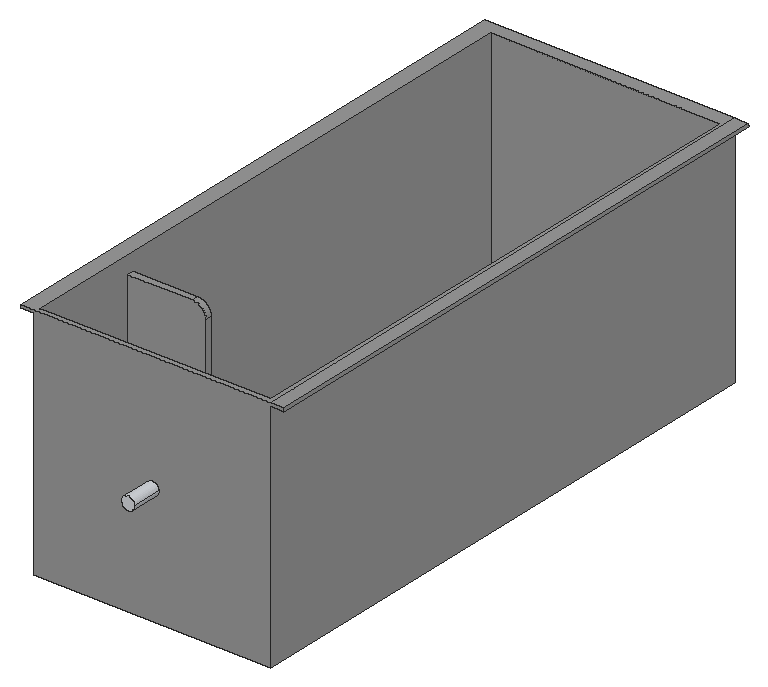
Revit family "Shower_Cabinet-Willoughby-US-3636-HC-R", category Plumbing Fixtures, Revit 2015
Parameters (values of type "Standard")
  Waste Radius = Waste DIA / 2  # 1"
  Waste DIA = 2"
  Waste Connection = yes
  Vent Connection = no
  URL = "https://www.willoughby-ind.com/wp-content/uploads/2018/01/US-3636-HC.pdf"
  Stainless Steel = Stainless Steel AISI 304-Willoughby
  Seat Height = 1' - 6"
  Revision = "A"
  Model = "US-3636-HC-R"
  Manufacturer = "Willoughby Industries"
  HW Connection = no
  HCW Inlet RAD = HCW Inlet DIA / 2  # 1/4"
  HCW Inlet DIA = 1/2"
  HCW Connection = yes
  Grab Bar Height = 3' - 0"
  FRAME DIM = 3' - 0"
  Description = "US 36\" X 36\"Handicap Cabinet Shower, Right Hand"
  Default Elevation = 0' - 0"
  Contact info = "(800) 428-4065"
  CW Connection = no
Reference planes (in)
  plane 1 "Center (Front/Back)": y = 0
  plane 2: z = 0
  plane 3 "Center (Left/Right)": x = 0
  plane 4: y = 88
  plane 5: x = -18
  plane 6: x = 18
  plane 7: z = 36
  plane 8: z = 18
  plane 9 "Seat Height": y = 18
  plane 10 "Grab Bar Height": y = 36
  plane 11: y = 48
  plane 12: y = 72
  plane 13 "Hand Held Shower Hose Connect": z = 12
  plane 14 "Hnd Hld Shwr Hse Conct": y = 66
  plane 15: x = -14.5
  plane 16: z = 17
Forms (in)
  Extrusion 1, solid, material "Stainless Steel AISI 304-Willoughby" <- "Stainless Steel"
    sketch origin (0, 0, 0) x (1, 0, 0) y (0, 0, 1)
      loop
        line (-18, 0) -> (18, 0) -> (18, 35.5) -> (20, 35.5) -> (20, 36) -> (18, 36) -> (-20, 36) -> (-20, 35.5) -> (-18, 35.5) -> (-18, 0)
    from 0 to -88
  Extrusion 2, void, detail levels fine
    sketch origin (0, 0, 0) x (1, 0, 0) y (0, 0, 1)
      loop
        line (17.5, 0.5) -> (17.5, 36) -> (-17.5, 36) -> (-17.5, 0.5) -> (17.5, 0.5)
    from -0.63588 to -86
  Extrusion 3, void, detail levels fine
    sketch origin (0.89838, -8.36412, 3.72188) x (1, 0, 0) y (0, 0, 1)
      loop
        circle (-0.89838, 14.27812) r 2
    from -8.8875 to -9
  Extrusion 4, solid
    sketch origin (0, 0, 0) x (1, 0, 0) y (0, 0, 1)
      loop
        circle (0, 18) r 1
    from 0 to 4.5
  Extrusion 5, solid, material "Stainless Steel AISI 304-Willoughby" <- "Stainless Steel"
    sketch origin (0, 0, 0) x (-1, 0, 0) y (0, 0, -1)
      loop
        line (5.5, -16.5) -> (5.5, -31.5)
        arc (5.5, -31.5) -> (6.08579, -32.91421) -> (7.5, -33.5) r 2
        line (7.5, -33.5) -> (17.5, -33.5) -> (17.5, -0.5) -> (-1.5, -0.5) -> (-1.5, -12.5)
        arc (-1.5, -12.5) -> (-0.91421, -13.91421) -> (0.5, -14.5) r 2
        line (0.5, -14.5) -> (3.5, -14.5)
        arc (3.5, -14.5) -> (4.91421, -15.08579) -> (5.5, -16.5) r 2
    from -18 to -17
  Sweep 6, solid, material "Stainless Steel AISI 304-Willoughby" <- "Stainless Steel", detail levels medium+fine
    path origin (0, 42.09078, 0) x (-1, 0, 0) y (0, 0, -1)
      loop
        line (0, -0.5) -> (0, -1.75)
        arc (0, -1.75) -> (-0.29289, -2.45711) -> (-1, -2.75) r 1
        line (-1, -2.75) -> (-13.25, -2.75)
        arc (-13.25, -2.75) -> (-14.66421, -3.33579) -> (-15.25, -4.75) r 2
        line (-15.25, -4.75) -> (-15.25, -32)
        arc (-15.25, -32) -> (-15.54289, -32.70711) -> (-16.25, -33) r 1
        line (-16.25, -33) -> (-17.5, -33)
    profile origin (0, 42.09078, 1.125) x (-1, 0, 0) y (0, -1, 0)
      loop
        circle (0, 6.09078) r 0.75
  Extrusion 7, solid, material "Stainless Steel AISI 304-Willoughby" <- "Stainless Steel", detail levels medium+fine
    sketch origin (4, 0, 27.77891) x (0, 0, 1) y (0, -1, 0)
      loop
        circle (-9.77891, -48) r 0.5
    from 12.8213 to 14
  Extrusion 8, solid, material "Stainless Steel AISI 304-Willoughby" <- "Stainless Steel", detail levels medium+fine
    sketch origin (0, 0, 0) x (0, 1, 0) y (0, 0, -1)
      loop
        circle (72, -18) r 0.75
    from -17.5 to -15.52072
  Sweep 9, solid, material "Stainless Steel AISI 304-Willoughby" <- "Stainless Steel", detail levels fine
    path origin (-65.34541, 0, 12) x (-1, 0, 0) y (0, -1, 0)
      loop
        line (-82.84541, -66) -> (-81.84541, -66)
        arc (-81.84541, -66) -> (-80.4312, -65.41421) -> (-79.84541, -64) r 2
        line (-79.84541, -64) -> (-79.84541, -42)
    profile origin (17, 66, 12) x (0, -1, 0) y (0, 0, 1)
      loop
        circle (0, 0) r 0.3125
  Sweep 10, solid, material "Stainless Steel AISI 304-Willoughby" <- "Stainless Steel", detail levels fine
    path origin (14.5, 0, 102.71882) x (0, 0, 1) y (0, -1, 0)
      loop
        arc (-90.71882, -42) -> (-88.21882, -39.5) -> (-85.71882, -42) r 2.5
        line (-85.71882, -42) -> (-85.71882, -49.25)
    profile origin (14.5, 39.5, 14.5) x (0, -1, 0) y (1, 0, 0)
      loop
        circle (0, 0) r 0.3125
  Revolve 11, solid, material "Stainless Steel AISI 304-Willoughby" <- "Stainless Steel", detail levels fine
    sketch origin (0, 0, 17) x (-1, 0, 0) y (0, -1, 0)
      loop
        line (-14.5, -49.25) -> (-14.5, -55.25) -> (-14, -55.25) -> (-13.09151, -54.34151)
        arc (-13.09151, -54.34151) -> (-13.3576, -53.6991) -> (-14, -53.43301) r 0.90849
        line (-14, -53.43301) -> (-14, -50.68301) -> (-13.75, -50.25) -> (-13.75, -49.25) -> (-14.5, -49.25)
      axis (-14.5, -49.25) -> (-14.5, -55.25)
    angle from 0 to 360
Cuts and joins
  Extrusion 2, Extrusion 3 cuts Extrusion 1
Lines and regions (in)
  symbolic lines
    curve 1: line (20, 0, 0) -> (20, 88, 0)
    curve 2: line (20, 88, 0) -> (-20, 88, 0)
    curve 3: line (-20, 88, 0) -> (-20, 0, 0)
    curve 4: line (-20, 0, 0) -> (20, 0, 0)
    curve 39: line (-14, 50.68301, 0) -> (-13.75, 50.25, 0)
    curve 48: line (20, 0, 36) -> (-20, 0, 36)
    curve 49: line (-20, 0, 36) -> (-20, 0, 35.5)
    curve 50: line (-20, 0, 35.5) -> (-18, 0, 35.5)
    curve 51: line (-18, 0, 35.5) -> (-18, 0, 0)
    curve 52: line (-18, 0, 0) -> (18, 0, 0)
    curve 53: line (18, 0, 0) -> (18, 0, 35.5)
    curve 54: line (18, 0, 35.5) -> (20, 0, 35.5)
    curve 55: line (20, 0, 35.5) -> (20, 0, 36)
    curve 56: line (0, 88, 0) -> (0, 88, 36)
    curve 57: line (0, 88, 36) -> (0, 0, 36)
    curve 58: line (0, 0, 36) -> (0, 0, 0)
    curve 59: line (0, 0, 0) -> (0, 88, 0)
    curve 60: line (0, 0, 19) -> (0, -4.5, 19)
    curve 61: line (0, -4.5, 19) -> (0, -4.5, 17)
    curve 62: line (0, -4.5, 17) -> (0, 0, 17)
  symbolic lines, detail levels medium+fine
    curve 5: line (-17.5, 86, 0) -> (17.5, 86, 0)
    curve 6: line (17.5, 86, 0) -> (17.5, 0.63588, 0)
    curve 7: line (17.5, 0.63588, 0) -> (-17.5, 0.63588, 0)
    curve 8: line (-17.5, 0.63588, 0) -> (-17.5, 86, 0)
    curve 9: line (18, 88, 0) -> (18, 0, 0)
    curve 10: line (-18, 0, 0) -> (-18, 88, 0)
    curve 11: line (-17.5, 72.75, 0) -> (-15.52072, 72.75, 0)
    curve 12: line (-15.52072, 72.75, 0) -> (-15.52072, 71.25, 0)
    curve 13: line (-15.52072, 71.25, 0) -> (-17.5, 71.25, 0)
    curve 19: line (17.5, 18, 0) -> (-1.5, 18, 0)
    curve 20: line (-1.5, 18, 0) -> (-1.5, 17, 0)
    curve 21: line (-1.5, 17, 0) -> (17.5, 17, 0)
    curve 22: line (5.5, 18, 0) -> (5.5, 17, 0)
  symbolic lines, detail levels fine
    curve 14: line (-17.5, 36.75, 0) -> (0, 36.75, 0)
    curve 15: line (-17.5, 35.25, 0) -> (0, 35.25, 0)
    curve 16: arc (0, 36.75, 0) -> (0.75, 36, 0) -> (0, 35.25, 0) r 0.75
    curve 17: arc (-15.25, 36.75, 0) -> (-14.5, 36, 0) -> (-15.25, 35.25, 0) r 0.75
    curve 18: arc (-15.25, 36.75, 0) -> (-16, 36, 0) -> (-15.25, 35.25, 0) r 0.75
    curve 23: line (-17.5, 66.31338, 0) -> (-16.44298, 66.31338, 0)
    curve 24: line (-17.5, 65.68513, 0) -> (-16.44298, 65.68513, 0)
    curve 25: arc (-16.44298, 66.31338, 0) -> (-14.8369, 65.60534, 0) -> (-14.18534, 63.97553, 0) r 2.32174
    curve 26: arc (-16.44298, 65.68513, 0) -> (-15.28963, 65.17758, 0) -> (-14.81284, 64.01117, 0) r 1.68137
    curve 27: line (-14.81284, 64.01117, 0) -> (-14.81284, 55.25, 0)
    curve 28: line (-14.18534, 63.97553, 0) -> (-14.18534, 55.25, 0)
    curve 29: line (-15, 55.25, 0) -> (-14, 55.25, 0)
    curve 30: line (-14, 55.25, 0) -> (-13.09151, 54.34151, 0)
    curve 31: line (-13.09151, 54.34151, 0) -> (-15.90849, 54.34151, 0)
    curve 32: line (-15.90849, 54.34151, 0) -> (-15, 55.25, 0)
    curve 33: line (-15, 53.43301, 0) -> (-14, 53.43301, 0)
    curve 34: line (-14, 53.43301, 0) -> (-14, 50.68301, 0)
    curve 35: line (-14, 50.68301, 0) -> (-15, 50.68301, 0)
    curve 36: line (-15, 50.68301, 0) -> (-15, 53.43301, 0)
    curve 37: arc (-15.90849, 54.34151, 0) -> (-15.6424, 53.6991, 0) -> (-15, 53.43301, 0) r 0.90849
    curve 38: arc (-14, 53.43301, 0) -> (-13.3576, 53.6991, 0) -> (-13.09151, 54.34151, 0) r 0.90849
    curve 40: line (-13.75, 50.25, 0) -> (-13.75, 49.25, 0)
    curve 41: line (-13.75, 49.25, 0) -> (-15.25, 49.25, 0)
    curve 42: line (-15.25, 49.25, 0) -> (-15.25, 50.25, 0)
    curve 43: line (-15.25, 50.25, 0) -> (-13.75, 50.25, 0)
    curve 44: line (-15.25, 50.25, 0) -> (-15, 50.68301, 0)
    curve 45: line (-14.18878, 49.25, 0) -> (-14.18878, 39.5, 0)
    curve 46: line (-14.81975, 39.5, 0) -> (-14.81975, 49.25, 0)
    curve 47: arc (-14.18878, 39.5, 0) -> (-14.50426, 39.18452, 0) -> (-14.81975, 39.5, 0) r 0.31548
Dimensions and locks (in)
  locked: plane 3 "Center (Left/Right)" to plane 5 at 18
  locked: plane 6 to plane 3 "Center (Left/Right)" at 18
  plane 4 to cut or joined group of Extrusion 1, Extrusion 2, Extrusion 3 = 0' - 2"
  cut or joined group of Extrusion 1, Extrusion 2, Extrusion 3 to plane 6 = 0' - 0 1/2"
  locked: level to plane 8 at 18
  "Seat Height": plane 9 "Seat Height" to plane 1 "Center (Front/Back)"
  locked: plane 1 "Center (Front/Back)" to Extrusion 4 at 4.5
  "Grab Bar Height": plane 10 "Grab Bar Height" to plane 1 "Center (Front/Back)"
  locked: cut or joined group of Extrusion 1, Extrusion 2, Extrusion 3 to level at 0.5
  locked: plane 1 "Center (Front/Back)" to plane 11 at 48
  locked: plane 11 to plane 1 "Center (Front/Back)" at 48
  locked: plane 12 to plane 1 "Center (Front/Back)" at 72
  plane 5 to plane 6 = 3' - 0"
  plane 7 to level = 3' - 0"
  plane 3 "Center (Left/Right)" to plane 6 = 1' - 6"
  aligned and locked: Extrusion 1 to plane 4
  aligned: plane 5 to Extrusion 1
  aligned and locked: Extrusion 1 to plane 6
  aligned and locked: plane 7 to Extrusion 1
  aligned and locked: plane 8 to Extrusion 3 sketch curve
  aligned and locked: plane 3 "Center (Left/Right)" to Extrusion 3 sketch curve
  aligned and locked: plane 8 to Extrusion 4 sketch curve
  aligned and locked: plane 3 "Center (Left/Right)" to Extrusion 4 sketch curve
  aligned and locked: cut or joined group of Extrusion 1, Extrusion 2, Extrusion 3 to cut or joined group of Extrusion 1, Extrusion 2, Extrusion 3  (x6)
  aligned and locked: level to cut or joined group of Extrusion 1, Extrusion 2, Extrusion 3
  aligned and locked: Revolve 11 sketch curve to Sweep 10  (x2)
Automatic sketch dimensions
  curve 17 to curve 18 = 0' - 0"  (x2)
  plane 4 to curve 3 = 0' - 0"
  plane 1 "Center (Front/Back)" to curve 3 = 0' - 0"
  curve 10 to plane 5 = 0' - 0"
  curve 17 to plane 10 "Grab Bar Height" = 0' - 0"
  plane 9 "Seat Height" to curve 19 = 0' - 0"
  curve 16 to plane 3 "Center (Left/Right)" = 0' - 0"
  curve 9 to plane 6 = 0' - 0"
  curve 4 to curve 10 = 0' - 2"
  curve 5 to plane 5 = 0' - 0 1/2"
  curve 25 to plane 5 = 0' - 1.49298"
  curve 25 to curve 26 = 0' - 0.01281"
  plane 14 "Hnd Hld Shwr Hse Conct" to curve 24 = 0' - 0.31487"
  curve 24 to curve 24 = 0' - 1.05702"
  curve 23 to plane 14 "Hnd Hld Shwr Hse Conct" = 0' - 0.31338"
  curve 23 to curve 24 = 0' - 0"
  plane 15 to curve 31 = 0' - 1.40849"
  plane 15 to curve 12 = 0' - 1.02072"
  plane 15 to curve 42 = 0' - 0 3/4"
  plane 15 to curve 17 = 0' - 0 3/4"
  plane 15 to curve 32 = 0' - 0 1/2"
  plane 15 to curve 33 = 0' - 0 1/2"
  plane 15 to curve 46 = 0' - 0.31975"
  plane 15 to curve 27 = 0' - 0.31284"
  plane 15 to curve 47 = 0' - 0.00426"
  curve 28 to plane 15 = 0' - 0.31466"
  curve 28 to curve 29 = 0' - 0.18534"
  curve 34 to plane 15 = 0' - 0 1/2"
  curve 34 to curve 39 = 0' - 0 1/4"
  curve 20 to plane 3 "Center (Left/Right)" = 0' - 1 1/2"
  plane 6 to curve 6 = 0' - 0 1/2"
  curve 2 to plane 6 = 0' - 2"
  curve 8 to plane 1 "Center (Front/Back)" = 0' - 0.63588"
  curve 20 to curve 19 = 0' - 1"
  curve 15 to curve 16 = 0' - 0 3/4"
  curve 18 to curve 46 = 0' - 2 3/4"
  curve 40 to plane 11 = 0' - 1 1/4"
  curve 41 to curve 42 = 0' - 1"
  curve 42 to curve 44 = 0' - 0.43301"
  curve 35 to curve 36 = 0' - 2 3/4"
  curve 38 to curve 29 = 0' - 0.90849"
  plane 14 "Hnd Hld Shwr Hse Conct" to curve 28 = 0' - 2.02447"
  curve 25 to curve 26 = 0' - 0.01201"
  plane 12 to curve 13 = 0' - 0 3/4"
  curve 11 to plane 12 = 0' - 0 3/4"
  plane 4 to curve 5 = 0' - 2"
  plane 3 "Center (Left/Right)" to curve 22 = 0' - 5 1/2"
  curve 61 to plane 16 = 0' - 0"
  curve 58 to level = 0' - 0"
  curve 58 to plane 1 "Center (Front/Back)" = 0' - 0"
  curve 56 to plane 4 = 0' - 0"
  curve 57 to plane 7 = 0' - 0"
  curve 62 to curve 62 = 0' - 4 1/2"
  plane 8 to curve 61 = 0' - 1"
  curve 48 to plane 7 = 0' - 0"
  curve 52 to level = 0' - 0"
  plane 5 to curve 52 = 0' - 0"
  plane 6 to curve 52 = 0' - 0"
  curve 50 to plane 7 = 0' - 0 1/2"
  curve 50 to curve 50 = 0' - 2"
  curve 48 to plane 6 = 0' - 2"
  curve 54 to plane 7 = 0' - 0 1/2"
  Extrusion 1 sketch curve to plane 7 = 0' - 0"
  plane 5 to Extrusion 1 sketch curve = 0' - 0"
  plane 6 to Extrusion 1 sketch curve = 0' - 0"  (x2)
  Extrusion 1 sketch curve to level = 0' - 0"
  Extrusion 1 sketch curve to plane 7 = 0' - 0 1/2"  (x2)
  Extrusion 1 sketch curve to Extrusion 1 sketch curve = 0' - 2"
  Extrusion 1 sketch curve to plane 6 = 0' - 2"
  Extrusion 2 sketch curve to plane 7 = 0' - 0"
  Extrusion 2 sketch curve to plane 5 = 0' - 0 1/2"
  plane 6 to Extrusion 2 sketch curve = 0' - 0 1/2"
  level to Extrusion 2 sketch curve = 0' - 0 1/2"
  level to Extrusion 5 sketch curve = 0' - 0 1/2"
  plane 3 "Center (Left/Right)" to Extrusion 5 sketch curve = 0' - 1 1/2"
  Extrusion 5 sketch curve to plane 3 "Center (Left/Right)" = 0' - 0 1/2"
  Extrusion 5 sketch curve to Extrusion 5 sketch curve = 0' - 3"
  Extrusion 5 sketch curve to plane 3 "Center (Left/Right)" = 0' - 5 1/2"
  Extrusion 5 sketch curve to Extrusion 5 sketch curve = 0' - 2"
  Extrusion 5 sketch curve to plane 5 = 0' - 0 1/2"
  plane 13 "Hand Held Shower Hose Connect" to Extrusion 5 sketch curve = 0' - 0 1/2"
  Extrusion 5 sketch curve to plane 7 = 0' - 4 1/2"
  Sweep 6 sketch curve to plane 3 "Center (Left/Right)" = 0' - 0"
  plane 3 "Center (Left/Right)" to Sweep 6 sketch curve = 0' - 1"
  plane 6 to Sweep 6 sketch curve = 0' - 4 3/4"
  Sweep 6 sketch curve to Sweep 6 sketch curve = 0' - 2"
  Sweep 6 sketch curve to Sweep 6 sketch curve = 0' - 1"
  Sweep 6 sketch curve to plane 7 = 0' - 3"
  level to Sweep 6 sketch curve = 0' - 4 3/4"
  plane 6 to Sweep 6 sketch curve = 0' - 0 1/2"
  level to Sweep 6 sketch curve = 0' - 0 1/2"
  Sweep 6 sketch curve to profile plane = 0' - 0"
  profile plane to Sweep 6 sketch curve = 0' - 6.09078"
  Extrusion 7 sketch curve to plane 8 = 0' - 0"
  Extrusion 7 sketch curve to plane 11 = 0' - 0"
  Extrusion 8 sketch curve to plane 8 = 0' - 0"
  Extrusion 8 sketch curve to plane 12 = 0' - 0"
  plane 14 "Hnd Hld Shwr Hse Conct" to Sweep 9 sketch curve = 0' - 0"
  plane 6 to Sweep 9 sketch curve = 0' - 1 1/2"
  plane 14 "Hnd Hld Shwr Hse Conct" to Sweep 9 sketch curve = 0' - 2"
  plane 6 to Sweep 9 sketch curve = 0' - 0 1/2"
  plane 10 "Grab Bar Height" to Sweep 9 sketch curve = 0' - 6"
  Sweep 9 sketch curve to profile plane = 0' - 0"  (x2)
  Sweep 10 sketch curve to plane 13 "Hand Held Shower Hose Connect" = 0' - 0"
  Sweep 10 sketch curve to plane 16 = 0' - 0"
  plane 10 "Grab Bar Height" to Sweep 10 sketch curve = 0' - 6"
  Sweep 10 sketch curve to plane 11 = 0' - 1 1/4"
  Sweep 10 sketch curve to profile plane = 0' - 0"  (x2)
  Revolve 11 sketch curve to Revolve 11 sketch curve = 0' - 0"  (x3)
  Revolve 11 sketch curve to Revolve 11 sketch curve = 0' - 0 1/2"  (x2)
  Revolve 11 sketch curve to Revolve 11 sketch curve = 0' - 0 1/4"
  Revolve 11 sketch curve to Revolve 11 sketch curve = 0' - 0.90849"  (x2)
  Revolve 11 sketch curve to Revolve 11 sketch curve = 0' - 1"
  Revolve 11 sketch curve to Revolve 11 sketch curve = 0' - 0.43301"
  Revolve 11 sketch curve to Revolve 11 sketch curve = 0' - 2 3/4"
  radius of Extrusion 3 sketch curve = 0' - 2"
  radius of Extrusion 4 sketch curve = 0' - 1"
  radius of Sweep 6 sketch curve = 0' - 0 3/4"
  radius of Extrusion 7 sketch curve = 0' - 0 1/2"
  radius of Extrusion 8 sketch curve = 0' - 0 3/4"
  radius of Sweep 9 sketch curve = 0' - 0 5/16"
  radius of Sweep 10 sketch curve = 0' - 0 5/16"
Connectors (in)
  piping at (0, -4.5, 18), diameter 2, driven by "Waste Connection", driven by "Waste Radius"
    settings: on Extrusion 4, index 1, connector inside diameter 2", connector length 0' - 0", flow factor 0, pipe flow 0 GPM, pressure drop 0.00 psi, fitting loss kfactor 0, connector angle 0.00°, fixture units 0, engagement length 0' - 0", angle of deflection 0.00°, flow configuration 0, flow direction 2, fitting loss method 0, system type 16, joint type 0, gender type 0, connector reference index -1, connector utility 1, adjustable connector yes, is connector primary yes, connector description "Shower Drain"
